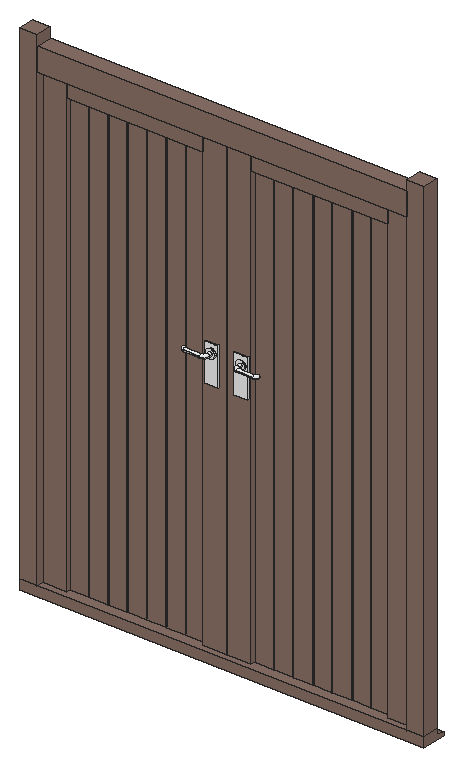
Revit family "DTI_A3-SD2-1612", category Doors, host Wall, Revit 2016
Family settings
  Host = Wall
  OmniClass Number = 23.30.10.00
  OmniClass Title = Doors
  Always vertical = Yes
  Cut with Voids When Loaded = No
  Shared = No
  Room Calculation Point = No
Parameters (values of type "SD2-1612")
  URL = "www.swartland.co.za"
  Rough Width = 923 mm
  Rough Height = 2165 mm
  Model = "SD2/1612"
  Manufacturer = "Swartland Doors & Windows"
  Function = Exterior
  Frame Width = 74 mm
  Height = Door Height + Frame Width + Cill Height  # 2150 mm
  Wall Closure = By host
  Width = Door Width + (Frame Width * 2)  # 1760 mm
  Frame Depth = 70 mm
  Door Width = 1612 mm
  Door Material = Meranti
  Door Height = 2032 mm
  Door Frame Material = Meranti
  Description = "Back Door in Frame SD2/1612"
  Cill Height = 44 mm
  Assembly Code = ""
Reference planes
  plane 1 "Centre (Front/Back)": y = 0
  plane 2 "Center (Left/Right)": x = 0
  plane 3 "Left": x = -880
  plane 4 "Right": x = 880
  plane 5: z = 2150
  plane 6 "Exterior": y = 75
  plane 7 "Interior": y = -75
  plane 8: y = -35
  plane 9 "Frame exterior": y = 35
  plane 10: z = 2076
  plane 11: x = 806
  plane 12: x = -806
  plane 13 "Cill Level": z = 44
  plane 14 "Centre of door": y = 17.751
Forms (mm)
  Extrusion 1, solid, material "Meranti" <- "Door Frame Material"
    sketch origin (0, 0, 44) x (1, 0, 0) y (0, 1, 0)
      loop
        line (-880, 35) -> (-880, -35) -> (-806, -35) -> (-806, 35) -> (-880, 35)
    from 0 to 2150 <- "Height"
  Extrusion 2, solid, material "Meranti" <- "Door Frame Material"
    sketch origin (0, 0, 44) x (-1, 0, 0) y (0, -1, 0)
      loop
        line (-880, -35) -> (-806, -35) -> (-806, 35) -> (-880, 35) -> (-880, -35)
    from 0 to 2150 <- "Height"
  Extrusion 3, solid, material "Meranti" <- "Door Frame Material"
    sketch origin (0, 0, 0) x (0, 1, 0) y (0, 0, 1)
      loop
        line (-35, 44) -> (-35, 0) -> (75, 0) -> (75, 15) -> (35, 25.321) -> (35, 44) -> (-35, 44)
    from -880 to 880
  Extrusion 4, solid, material "Meranti"
    sketch origin (0, 0, 0) x (0, 1, 0) y (0, 0, 1)
      loop
        line (35, 2150) -> (-35, 2150) -> (-35, 2051) -> (-5, 2051) -> (-5, 2076) -> (35, 2076) -> (35, 2150)
    from 806 to -806
  Extrusion 5, solid, material "Meranti" <- "Door Material"
    sketch origin (0, 35, 0) x (0, 0, -1) y (-1, 0, 0)
      loop
        line (-44, 806) -> (-2076, 806) -> (-2076, 701) -> (-44, 701) -> (-44, 806)
    from -40 to 0
  Extrusion 6, solid, material "Meranti"
    sketch origin (0, 35, 0) x (0, 0, -1) y (-1, 0, 0)
      loop
        line (-1971, -701) -> (-1971, -105) -> (-2076, -105) -> (-2076, -701) -> (-1971, -701)
    from 0 to -40
  Sweep 7, solid, material "Meranti"
    path origin (404.162, 17.751, 0) x (0, 0, 1) y (1, 0, 0)
      loop
        line (1971, 212.112) -> (44, 212.112)
    profile "Panelled door T&G profile 85X20 : Panelled door T&G profile 85X20" origin (616.274, 17.751, 1007.5) x (-1, 0, 0) y (0, 1, 0)
      loop
        line (-85, -2.226) -> (-82.226, -5) -> (0, -5) -> (0, 0) -> (0, 5) -> (-82.226, 5) -> (-85, 2.226) -> (-85, -2.226)
  Sweep 8, solid, material "Meranti"
    path origin (319.162, 17.751, 0) x (0, 0, 1) y (1, 0, 0)
      loop
        line (1971, 212.112) -> (44, 212.112)
    profile "Panelled door T&G profile 85X20 : Panelled door T&G profile 85X20" origin (531.274, 17.751, 1007.5) x (-1, 0, 0) y (0, 1, 0)
      loop
        line (-85, -2.226) -> (-82.226, -5) -> (0, -5) -> (0, 0) -> (0, 5) -> (-82.226, 5) -> (-85, 2.226) -> (-85, -2.226)
  Sweep 9, solid, material "Meranti"
    path origin (234.162, 17.751, 0) x (0, 0, 1) y (1, 0, 0)
      loop
        line (1971, 212.112) -> (44, 212.112)
    profile "Panelled door T&G profile 85X20 : Panelled door T&G profile 85X20" origin (446.274, 17.751, 1007.5) x (-1, 0, 0) y (0, 1, 0)
      loop
        line (-85, -2.226) -> (-82.226, -5) -> (0, -5) -> (0, 0) -> (0, 5) -> (-82.226, 5) -> (-85, 2.226) -> (-85, -2.226)
  Sweep 10, solid, material "Meranti"
    path origin (149.162, 17.751, 0) x (0, 0, 1) y (1, 0, 0)
      loop
        line (1971, 212.112) -> (44, 212.112)
    profile "Panelled door T&G profile 85X20 : Panelled door T&G profile 85X20" origin (361.274, 17.751, 1007.5) x (-1, 0, 0) y (0, 1, 0)
      loop
        line (-85, -2.226) -> (-82.226, -5) -> (0, -5) -> (0, 0) -> (0, 5) -> (-82.226, 5) -> (-85, 2.226) -> (-85, -2.226)
  Sweep 11, solid, material "Meranti"
    path origin (64.162, 17.751, 0) x (0, 0, 1) y (1, 0, 0)
      loop
        line (1971, 212.112) -> (44, 212.112)
    profile "Panelled door T&G profile 85X20 : Panelled door T&G profile 85X20" origin (276.274, 17.751, 1007.5) x (-1, 0, 0) y (0, 1, 0)
      loop
        line (-85, -2.226) -> (-82.226, -5) -> (0, -5) -> (0, 0) -> (0, 5) -> (-82.226, 5) -> (-85, 2.226) -> (-85, -2.226)
  Sweep 12, solid, material "Meranti"
    path origin (-20.838, 17.751, 0) x (0, 0, 1) y (1, 0, 0)
      loop
        line (1971, 212.112) -> (44, 212.112)
    profile "Panelled door T&G profile 85X20 : Panelled door T&G profile 85X20" origin (191.274, 17.751, 1007.5) x (-1, 0, 0) y (0, 1, 0)
      loop
        line (-85, -2.226) -> (-82.226, -5) -> (0, -5) -> (0, 0) -> (0, 5) -> (-82.226, 5) -> (-85, 2.226) -> (-85, -2.226)
  Sweep 13, solid, material "Meranti"
    path origin (-107.088, 17.751, 0) x (0, 0, 1) y (1, 0, 0)
      loop
        line (1971, 212.112) -> (44, 212.112)
    profile "Panelled door T&G profile 85X20 : Panelled door T&G profile 85X20" origin (105.024, 17.751, 1007.5) x (-1, 0, 0) y (0, 1, 0)
      loop
        line (-85, -2.226) -> (-82.226, -5) -> (0, -5) -> (0, 0) -> (0, 5) -> (-82.226, 5) -> (-85, 2.226) -> (-85, -2.226)
  Extrusion 14, solid, material "Meranti" <- "Door Material"
    sketch origin (1507, 35, 0) x (0, 0, -1) y (-1, 0, 0)
      loop
        line (-44, 806) -> (-2076, 806) -> (-2076, 701) -> (-44, 701) -> (-44, 806)
    from -40 to 0
  Extrusion 15, solid, material "Meranti" <- "Door Material"
    sketch origin (780, 35, 0) x (0, 0, -1) y (-1, 0, 0)
      loop
        line (-44, 780) -> (-2076, 780) -> (-2076, 675) -> (-44, 675) -> (-44, 780)
    from -40 to 0
  Extrusion 16, solid, material "Meranti"
    sketch origin (0, 35, 0) x (0, 0, -1) y (-1, 0, 0)
      loop
        line (-1971, 701) -> (-2076, 701) -> (-2076, 105) -> (-1971, 105) -> (-1971, 701)
    from 0 to -40
  Sweep 17, solid, material "Meranti"
    path origin (-405.412, 17.751, 0) x (0, 0, 1) y (-1, 0, 0)
      loop
        line (1971, 212.112) -> (44, 212.112)
    profile "Panelled door T&G profile 85X20 : Panelled door T&G profile 85X20" origin (-617.524, 17.751, 1007.5) x (-1, 0, 0) y (0, 1, 0)
      loop
        line (-85, 2.226) -> (-85, -2.226) -> (-82.226, -5) -> (0, -5) -> (0, 0) -> (0, 5) -> (-82.226, 5) -> (-85, 2.226)
  Sweep 18, solid, material "Meranti"
    path origin (-321.662, 17.751, 0) x (0, 0, 1) y (-1, 0, 0)
      loop
        line (1971, 212.112) -> (44, 212.112)
    profile "Panelled door T&G profile 85X20 : Panelled door T&G profile 85X20" origin (-533.774, 17.751, 1007.5) x (-1, 0, 0) y (0, 1, 0)
      loop
        line (-85, 2.226) -> (-85, -2.226) -> (-82.226, -5) -> (0, -5) -> (0, 0) -> (0, 5) -> (-82.226, 5) -> (-85, 2.226)
  Sweep 19, solid, material "Meranti"
    path origin (-236.662, 17.751, 0) x (0, 0, 1) y (-1, 0, 0)
      loop
        line (1971, 212.112) -> (44, 212.112)
    profile "Panelled door T&G profile 85X20 : Panelled door T&G profile 85X20" origin (-448.774, 17.751, 1007.5) x (-1, 0, 0) y (0, 1, 0)
      loop
        line (-85, 2.226) -> (-85, -2.226) -> (-82.226, -5) -> (0, -5) -> (0, 0) -> (0, 5) -> (-82.226, 5) -> (-85, 2.226)
  Sweep 20, solid, material "Meranti"
    path origin (-151.662, 17.751, 0) x (0, 0, 1) y (-1, 0, 0)
      loop
        line (1971, 212.112) -> (44, 212.112)
    profile "Panelled door T&G profile 85X20 : Panelled door T&G profile 85X20" origin (-363.774, 17.751, 1007.5) x (-1, 0, 0) y (0, 1, 0)
      loop
        line (-85, 2.226) -> (-85, -2.226) -> (-82.226, -5) -> (0, -5) -> (0, 0) -> (0, 5) -> (-82.226, 5) -> (-85, 2.226)
  Sweep 21, solid, material "Meranti"
    path origin (-66.662, 17.751, 0) x (0, 0, 1) y (-1, 0, 0)
      loop
        line (1971, 212.112) -> (44, 212.112)
    profile "Panelled door T&G profile 85X20 : Panelled door T&G profile 85X20" origin (-278.774, 17.751, 1007.5) x (-1, 0, 0) y (0, 1, 0)
      loop
        line (-85, 2.226) -> (-85, -2.226) -> (-82.226, -5) -> (0, -5) -> (0, 0) -> (0, 5) -> (-82.226, 5) -> (-85, 2.226)
  Sweep 22, solid, material "Meranti"
    path origin (18.338, 17.751, 0) x (0, 0, 1) y (-1, 0, 0)
      loop
        line (1971, 212.112) -> (44, 212.112)
    profile "Panelled door T&G profile 85X20 : Panelled door T&G profile 85X20" origin (-193.774, 17.751, 1007.5) x (-1, 0, 0) y (0, 1, 0)
      loop
        line (-85, 2.226) -> (-85, -2.226) -> (-82.226, -5) -> (0, -5) -> (0, 0) -> (0, 5) -> (-82.226, 5) -> (-85, 2.226)
  Sweep 23, solid, material "Meranti"
    path origin (103.338, 17.751, 0) x (0, 0, 1) y (-1, 0, 0)
      loop
        line (1971, 212.112) -> (44, 212.112)
    profile "Panelled door T&G profile 85X20 : Panelled door T&G profile 85X20" origin (-108.774, 17.751, 1007.5) x (-1, 0, 0) y (0, 1, 0)
      loop
        line (-85, 2.226) -> (-85, -2.226) -> (-82.226, -5) -> (0, -5) -> (0, 0) -> (0, 5) -> (-82.226, 5) -> (-85, 2.226)
  Extrusion 24, solid, material "Meranti" <- "Door Material"
    sketch origin (-1507, 35, 0) x (0, 0, -1) y (-1, 0, 0)
      loop
        line (-44, -806) -> (-44, -701) -> (-2076, -701) -> (-2076, -806) -> (-44, -806)
    from -40 to 0
  Extrusion 25, solid, material "Meranti" <- "Door Material"
    sketch origin (-780, 35, 0) x (0, 0, -1) y (-1, 0, 0)
      loop
        line (-44, -780) -> (-44, -675) -> (-2076, -675) -> (-2076, -780) -> (-44, -780)
    from -40 to 0
  Sweep 26, solid, material "Meranti"
    path origin (-488.888, 17.751, 0) x (0, 0, 1) y (-1, 0, 0)
      loop
        line (1971, 212.112) -> (44, 212.112)
    profile "Panelled door T&G profile 85X20 : Panelled door T&G profile 85X20" origin (-701, 17.751, 1007.5) x (-1, 0, 0) y (0, 1, 0)
      loop
        line (-85, 2.226) -> (-85, -2.226) -> (-82.226, -5) -> (0, -5) -> (0, 0) -> (0, 5) -> (-82.226, 5) -> (-85, 2.226)
Lines and regions (mm)
  Opening 1
    outline origin (-3050, -75, 0) x (1, 0, 0) y (0, 0, 1)
      loop
        line (2170, 0) -> (3930, 0) -> (3930, 2150) -> (2170, 2150) -> (2170, 0)
  symbolic lines
    curve 1: line (806, -35, 0) -> (806, -1647, 0)
    curve 2: arc (806, -1647, 0) -> (-333.856, -1174.856, 0) -> (-806, -35, 0) r 1612
  symbolic lines, style "Elevation Swing"
    curve 3: line (776, 75, 44) -> (0, 75, 1075)
    curve 4: line (0, 75, 1075) -> (776, 75, 2076)
    curve 5: line (-776, 75, 44) -> (0, 75, 1075)
    curve 6: line (0, 75, 1075) -> (-776, 75, 2076)
Text (mm)
  text "Exterior" at (-2295.016, 1099.543, 0), in view "Ref. Level"
  text "Exterior" at (0, 1615.38, 3698.081), in view "Left"
  text "Exterior" at (0, 1036.032, 3874.932), in view "Right"
Dimensions and locks
  equal spacing: plane 3 "Left", plane 2 "Center (Left/Right)", plane 4 "Right"
  plane 3 "Left" to plane 4 "Right" = 1760 mm
  host wall to plane 10 = 2076 mm
  locked: plane 6 "Exterior" to host wall at 0
  locked: plane 7 "Interior" to host wall
  equal spacing: plane 9 "Frame exterior", plane 1 "Centre (Front/Back)", plane 8
  "Frame Depth": plane 9 "Frame exterior" to plane 8
  "Frame Width": plane 10 to plane 5
  "Door Width": plane 12 to plane 11
  plane 9 "Frame exterior" to plane 8 = 70 mm  (x2)
  "Door Height": plane 13 "Cill Level" to plane 10
  "Cill Height": level to plane 13 "Cill Level"
  "Frame Width": plane 11 to plane 4 "Right"
  "Frame Width": plane 3 "Left" to plane 12
  plane 3 "Left" to plane 12 = 74 mm
  level to Extrusion 3 = 44 mm
  level to plane 5 = 2150 mm
  aligned and locked: plane 3 "Left" to Opening 1 sketch curve
  aligned and locked: plane 5 to Opening 1 sketch curve  (x2)
  aligned and locked: Opening 1 sketch curve to plane 4 "Right"
  aligned and locked: Opening 1 sketch curve to level
  aligned and locked: plane 1 "Centre (Front/Back)" to host wall
  aligned: Extrusion 2 to level
  aligned: Extrusion 1 to level
  aligned: plane 12 to Extrusion 3
  aligned: Extrusion 3 to plane 11
  aligned and locked: Extrusion 3 to host wall  (x2)
  aligned and locked: Extrusion 2 to plane 13 "Cill Level"
  aligned and locked: Extrusion 1 to plane 13 "Cill Level"
  aligned and locked: Extrusion 4 to plane 11
  aligned and locked: plane 12 to Extrusion 4
Automatic sketch dimensions
  Extrusion 1 sketch curve to plane 3 "Left" = 0 mm
  Extrusion 1 sketch curve to plane 9 "Frame exterior" = 0 mm
  Extrusion 1 sketch curve to plane 12 = 0 mm
  Extrusion 1 sketch curve to plane 8 = 0 mm
  Extrusion 2 sketch curve to plane 4 "Right" = 0 mm
  Extrusion 2 sketch curve to plane 9 "Frame exterior" = 0 mm
  Extrusion 2 sketch curve to plane 11 = 0 mm
  Extrusion 2 sketch curve to plane 8 = 0 mm
  Extrusion 3 sketch curve to level = 0 mm
  Extrusion 3 sketch curve to plane 8 = 0 mm
  Extrusion 3 sketch curve to plane 9 "Frame exterior" = 0 mm
  Extrusion 3 sketch curve to host wall = 0 mm
  Extrusion 3 sketch curve to plane 13 "Cill Level" = 0 mm
  level to Extrusion 3 sketch curve = 15 mm
  Extrusion 3 sketch curve to Extrusion 3 sketch curve = 18.679 mm
  plane 5 to Extrusion 4 sketch curve = 0 mm
  Extrusion 4 sketch curve to plane 8 = 0 mm
  plane 10 to Extrusion 4 sketch curve = 0 mm
  Extrusion 4 sketch curve to plane 9 "Frame exterior" = 0 mm
  host wall to Extrusion 4 sketch curve = 5 mm
  Extrusion 4 sketch curve to Extrusion 4 sketch curve = 25 mm
  Extrusion 5 sketch curve to plane 10 = 0 mm
  plane 12 to Extrusion 5 sketch curve = 0 mm
  Extrusion 5 sketch curve to plane 13 "Cill Level" = 0 mm
  Extrusion 5 sketch curve to plane 12 = 105 mm
  curve 5 to plane 13 "Cill Level" = 0 mm
  curve 6 to plane 10 = 0 mm
  curve 6 to plane 2 "Center (Left/Right)" = 0 mm
  curve 4 to plane 10 = 0 mm
  curve 3 to plane 13 "Cill Level" = 0 mm
  curve 6 to plane 12 = 30 mm
  curve 5 to plane 12 = 30 mm
  plane 11 to curve 4 = 30 mm
  plane 11 to curve 3 = 30 mm
  curve 2 to plane 8 = 0 mm
  curve 2 to plane 12 = 0 mm
  curve 2 to plane 11 = 0 mm
  curve 1 to plane 8 = 0 mm
  Extrusion 6 sketch curve to plane 10 = 0 mm
  plane 10 to Extrusion 6 sketch curve = 105 mm
  plane 11 to Extrusion 6 sketch curve = 105 mm
  Sweep 7 sketch curve to plane 13 "Cill Level" = 0 mm
  plane 10 to Sweep 7 sketch curve = 105 mm
  plane 11 to Sweep 7 sketch curve = 189.726 mm
  Sweep 8 sketch curve to plane 13 "Cill Level" = 0 mm
  plane 10 to Sweep 8 sketch curve = 105 mm
  Sweep 9 sketch curve to plane 13 "Cill Level" = 0 mm
  plane 10 to Sweep 9 sketch curve = 105 mm
  Sweep 10 sketch curve to plane 13 "Cill Level" = 0 mm
  plane 10 to Sweep 10 sketch curve = 105 mm
  Sweep 11 sketch curve to plane 13 "Cill Level" = 0 mm
  plane 10 to Sweep 11 sketch curve = 105 mm
  Sweep 12 sketch curve to plane 13 "Cill Level" = 0 mm
  plane 10 to Sweep 12 sketch curve = 105 mm
  Sweep 13 sketch curve to plane 13 "Cill Level" = 0 mm
  plane 10 to Sweep 13 sketch curve = 105 mm
  Extrusion 14 sketch curve to plane 10 = 0 mm
  Extrusion 14 sketch curve to plane 13 "Cill Level" = 0 mm
  plane 11 to Extrusion 14 sketch curve = 0 mm
  plane 11 to Extrusion 14 sketch curve = 105 mm
  Extrusion 15 sketch curve to plane 2 "Center (Left/Right)" = 0 mm
  Extrusion 15 sketch curve to plane 10 = 0 mm
  Extrusion 15 sketch curve to plane 13 "Cill Level" = 0 mm
  Extrusion 16 sketch curve to plane 10 = 0 mm
  Extrusion 16 sketch curve to plane 10 = 105 mm
  plane 12 to Extrusion 16 sketch curve = 105 mm
  Sweep 17 sketch curve to plane 13 "Cill Level" = 0 mm
  Sweep 17 sketch curve to plane 10 = 105 mm
  plane 12 to Sweep 17 sketch curve = 188.476 mm
  Sweep 18 sketch curve to plane 13 "Cill Level" = 0 mm
  Sweep 18 sketch curve to plane 10 = 105 mm
  Sweep 19 sketch curve to plane 13 "Cill Level" = 0 mm
  Sweep 19 sketch curve to plane 10 = 105 mm
  Sweep 20 sketch curve to plane 13 "Cill Level" = 0 mm
  Sweep 20 sketch curve to plane 10 = 105 mm
  Sweep 21 sketch curve to plane 13 "Cill Level" = 0 mm
  Sweep 21 sketch curve to plane 10 = 105 mm
  Sweep 22 sketch curve to plane 13 "Cill Level" = 0 mm
  Sweep 22 sketch curve to plane 10 = 105 mm
  Sweep 23 sketch curve to plane 13 "Cill Level" = 0 mm
  Sweep 23 sketch curve to plane 10 = 105 mm
  Extrusion 24 sketch curve to plane 10 = 0 mm
  Extrusion 24 sketch curve to plane 13 "Cill Level" = 0 mm
  plane 12 to Extrusion 24 sketch curve = 0 mm
  Extrusion 24 sketch curve to Extrusion 24 sketch curve = 105 mm
  Extrusion 25 sketch curve to plane 2 "Center (Left/Right)" = 0 mm
  Extrusion 25 sketch curve to plane 10 = 0 mm
  Extrusion 25 sketch curve to plane 13 "Cill Level" = 0 mm
  Sweep 26 sketch curve to plane 13 "Cill Level" = 0 mm
  Sweep 26 sketch curve to plane 10 = 105 mm
  plane 12 to Sweep 26 sketch curve = 105 mm
  plane 10 to curve 6 = 1001 mm
  plane 2 "Center (Left/Right)" to Extrusion 6 sketch curve = 105 mm
  plane 11 to Sweep 8 sketch curve = 274.726 mm
  plane 11 to Sweep 9 sketch curve = 359.726 mm
  plane 2 "Center (Left/Right)" to Sweep 10 sketch curve = 361.274 mm
  plane 2 "Center (Left/Right)" to Sweep 11 sketch curve = 276.274 mm
  plane 2 "Center (Left/Right)" to Sweep 12 sketch curve = 191.274 mm
  plane 2 "Center (Left/Right)" to Sweep 13 sketch curve = 105.024 mm
  plane 2 "Center (Left/Right)" to Extrusion 15 sketch curve = 105 mm
  plane 2 "Center (Left/Right)" to Extrusion 16 sketch curve = 105 mm
  plane 12 to Sweep 18 sketch curve = 272.226 mm
  plane 12 to Sweep 19 sketch curve = 357.226 mm
  plane 2 "Center (Left/Right)" to Sweep 20 sketch curve = 363.774 mm
  plane 2 "Center (Left/Right)" to Sweep 21 sketch curve = 278.774 mm
  plane 2 "Center (Left/Right)" to Sweep 22 sketch curve = 193.774 mm
  plane 2 "Center (Left/Right)" to Sweep 23 sketch curve = 108.774 mm
  Extrusion 25 sketch curve to Extrusion 25 sketch curve = 105 mm
Nested families
  nested 1: "Handle Domestic (1)" at (0, -5, 1200), type "Handle Domestic (1)"
  nested 2: "Handle Domestic (1)" at (0, 35, 1200), type "Handle Domestic (1)"
  nested 3: "Handle Domestic (1)" at (0, -5, 1200) x (-1, 0, 0) z (0, 0, 1), type "Handle Domestic (1)"
  nested 4: "Handle Domestic (1)" at (0, 35, 1200) x (-1, 0, 0) z (0, 0, 1), type "Handle Domestic (1)"
Definition of nested family "Handle Domestic (1)"
  Parameters
    Manufacturer = "Revit"
    Material Ironmongery = none
    Handle Z Distance = 0 mm
    Handle X Distance = 65 mm
    Function = (empty or 0)
  Reference planes
    plane 1 "Center (Front/Back)": y = 0
    plane 2: z = 0
    plane 3 "Center (Left/Right)": x = 0
    plane 4: z = 0
    plane 5: x = 65
  Forms (mm)
    Extrusion 1, solid, material <- "Material Ironmongery", detail levels medium+fine
      sketch origin (0, 0, 0) x (1, 0, 0) y (0, 0, 1)
        loop
          line (35, 40) -> (35, -125) -> (95, -125) -> (95, 40) -> (35, 40)
      from 0 to -6
    Sweep 2, solid, material <- "Material Ironmongery", detail levels medium+fine
      path origin (0, 0, 0) x (0, -1, 0) y (1, 0, 0)
        loop
          line (-10.593, 65) -> (-26, 65)
          arc (-26, 65) -> (-36.607, 69.393) -> (-41, 80) r 15
          line (-41, 80) -> (-41, 152)
          arc (-41, 152) -> (-38.657, 157.657) -> (-33, 160) r 8
      profile origin (0, 18.296, 0) x (-1, 0, 0) y (0, 0, 1)
        loop
          circle (-65, 0) r 7
    Extrusion 3, solid, material <- "Material Ironmongery", detail levels medium+fine
      sketch origin (0, 0, 0) x (1, 0, 0) y (0, 0, 1)
        loop
          circle (65, 0) r 20
      from -6 to -10.593
  Dimensions and locks
    "Handle Z Distance": plane 4 to level
    "Handle X Distance": plane 5 to plane 3 "Center (Left/Right)"
    aligned and locked: Extrusion 1 to Extrusion 3
    aligned and locked: Extrusion 3 to Sweep 2 sketch curve
  Automatic sketch dimensions
    Sweep 2 sketch curve to plane 4 = 0 mm
    Sweep 2 sketch curve to profile plane = 0 mm
    Extrusion 3 sketch curve to plane 4 = 0 mm
    Extrusion 3 sketch curve to plane 5 = 0 mm
    Sweep 2 sketch curve to plane 5 = 0 mm
    Sweep 2 sketch curve to plane 1 "Center (Front/Back)" = 41 mm
    Sweep 2 sketch curve to Sweep 2 sketch curve = 8 mm
    Sweep 2 sketch curve to Sweep 2 sketch curve = 15 mm
    Sweep 2 sketch curve to Sweep 2 sketch curve = 72 mm
    plane 5 to Extrusion 1 sketch curve = 30 mm
    Extrusion 1 sketch curve to plane 5 = 30 mm
    plane 4 to Extrusion 1 sketch curve = 125 mm
    Extrusion 1 sketch curve to plane 4 = 40 mm
    radius of Sweep 2 sketch curve = 7 mm
    radius of Extrusion 3 sketch curve = 20 mm
